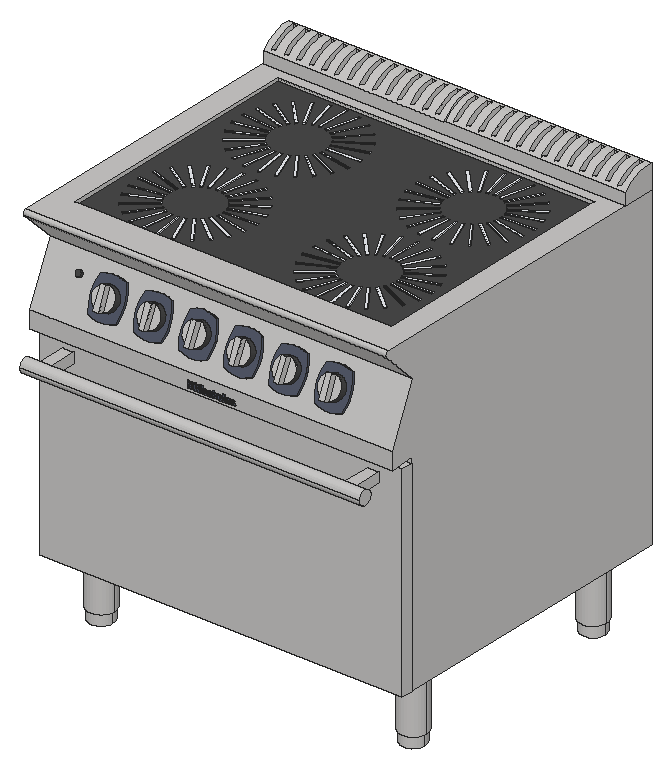
Revit family "QF_ELECTROLUXPROFESSIONAL_371026_E7IREH40E0", category Specialty Equipment, Revit 2018
Family settings
  Round Connector Dimension = Use Diameter
  Part Type = Normal
  Work Plane-Based = No
  Always vertical = Yes
  Cut with Voids When Loaded = No
  Shared = No
  Room Calculation Point = No
Parameters
  Width = 800 mm  # constant formula
  Weight in Pounds = 187  # constant formula
  Watts = 14800 VA  # 14800 W
  Volts = 400 V  # constant formula
  URL Cutsheet = "www.electrolux.com/foodservice"
  URL = "www.electrolux.com/foodservice"
  Type Mark [instance] = ""
  Status [instance] = ""
  Specification by User [instance] = ""
  Specification by Manufacturer = ""
  Show Logo [instance] = yes
  Show Clearance [instance] = yes
  Serial Number = ""
  Seismic Rating = ""
  SMACNA No = ""
  Revision Code [instance] = ""
  Phase = 3  # constant formula
  Omniclass Number and Title = ""
  Number of Poles [instance] = 1
  NAFEM Spec ID Number = ""
  Model = "371026"
  Min Ckt Ampacity = 0 A
  Max Overcurrent Protection = 0 A
  Masterspec = ""
  Manufacturer = "ELECTROLUX"
  Item Number [instance] = ""
  Installed By [instance] = ""
  Identify Quantity as Lot [instance] = yes
  Height = 333 mm  # constant formula
  HP = "19.8 HP"
  Furnished By [instance] = ""
  Foodservice Equipment Identifier [instance] = yes
  FL Amps = if(Phase = 3, Watts / (Volts * 1.73), Watts / Volts)  # 21.3873 A
  Electrical Remarks [instance] = "400 V/3N ph/50/60 Hz"  # constant formula
  Electric Connection Type [instance] = ""
  Elec Conn RI Height [instance] = 0 mm
  Elec Conn Connection Height [instance] = 0 mm
  Direct Waste Size = 0"
  Description = "700XP 4 Zone Electric Infrared Cooking Top Range on Electric Oven - 400V"
  Depth = 730 mm  # constant formula
  Cycle = if([60 Hertz Option], 60 Hz, 50 Hz)  # 60 Hz
  Conn Plug = ""
  Conn Conduit = yes
  CSI MasterFormat = ""
  CSI Master Format = ""
  Base Height [instance] = 150 mm  # constant formula
  Assembly Code = ""
  Apparent Power = if(Phase = 3, Volts * FL Amps * 1.73, Volts * FL Amps)  # 14800 VA
  60 Hertz Option = not([50 Hertz Option])  # yes
  50 Hertz Option = no
Reference planes
  plane 1 "BACK": y = 0
  plane 2: z = 0
  plane 3 "LEFT": x = 0
  plane 4 "RIGHT": x = 800
  plane 5 "FRONT": y = -730
  plane 6 "TOP": z = 905.238
  plane 7 "Center Y": x = 400
  plane 8 "Center X": y = -365
  plane 9 "BASE": z = 601
  plane 10 "TOP A": z = 850.238
  plane 11: y = -597.884
  plane 12: y = -147.637
  plane 13: z = 942.313
  plane 14: z = 150
  plane 15: y = -773
Forms (mm)
  Extrusion 1, solid, material "QF_Finishes_Stainless Steel"
    sketch origin (0, 0, 0) x (0, 1, 0) y (0, 0, 1)
      loop
        line (0, 850.237) -> (-725.027, 850.237)
        arc (-725.027, 850.237) -> (-730.893, 846.318) -> (-729.517, 839.397) r 6.35
        line (-729.517, 839.397) -> (-657.416, 767.047) -> (-713.522, 646.19) -> (-713.522, 608.09) -> (-660.4, 613.7) -> (-660.4, 150) -> (0, 150) -> (0, 850.237)
      loop
        line (-661.987, 601) -> (-687.387, 601) -> (-687.387, 150) -> (-661.987, 150) -> (-661.987, 601)
    from 0 to 800
  Extrusion 2, solid, material "QF_Finishes_Stainless Steel"
    sketch origin (0, 0, 0) x (0, 1, 0) y (0, 0, 1)
      loop
        line (0, 850.237) -> (0, 905.237)
        arc (0, 905.237) -> (-38.078, 897.879) -> (-69.85, 875.637) r 93.057
        line (-69.85, 875.637) -> (-69.85, 850.237) -> (0, 850.237)
    from 0 to 800
  Extrusion 3, void
    sketch origin (0, 0, 850.238) x (-1, 0, 0) y (0, -1, 0)
      loop
        line (-50, 93.262) -> (-50, 653.262) -> (-749.9, 653.262) -> (-749.9, 93.262) -> (-50, 93.262)
    from 0 to -6.4
  Extrusion 4, solid, material "QF_Finishes_Clearance", visible <- "Show Clearance", detail levels coarse
    sketch origin (0, 0, 0) x (1, 0, 0) y (0, 1, 0)
      loop
        line (0, -731.377) -> (0, 0) -> (800, 0) -> (800, -731.377) -> (950.019, -731.377) -> (950.019, 150.019) -> (-150.019, 150.019) -> (-150.019, -731.377) -> (0, -731.377)
    from 0 to 905.237
  Extrusion 5, void
    sketch origin (744.415, 0, 850.237) x (1, 0, 0) y (0, 1, 0)
      loop
        line (42.182, -6.761) -> (32.886, -6.761) -> (32.886, -63.911) -> (42.182, -63.911) -> (42.182, -6.761)
      loop
        line (14.339, -6.761) -> (5.044, -6.761) -> (5.044, -63.911) -> (14.339, -63.911) -> (14.339, -6.761)
      loop
        line (-13.503, -6.761) -> (-22.799, -6.761) -> (-22.799, -63.911) -> (-13.503, -63.911) -> (-13.503, -6.761)
      loop
        line (-41.345, -6.761) -> (-50.641, -6.761) -> (-50.641, -63.911) -> (-41.345, -63.911) -> (-41.345, -6.761)
      loop
        line (-69.187, -6.761) -> (-78.483, -6.761) -> (-78.483, -63.911) -> (-69.187, -63.911) -> (-69.187, -6.761)
      loop
        line (-97.03, -6.761) -> (-106.325, -6.761) -> (-106.325, -63.911) -> (-97.03, -63.911) -> (-97.03, -6.761)
      loop
        line (-124.872, -6.761) -> (-134.168, -6.761) -> (-134.168, -63.911) -> (-124.872, -63.911) -> (-124.872, -6.761)
      loop
        line (-152.714, -6.761) -> (-162.01, -6.761) -> (-162.01, -63.911) -> (-152.714, -63.911) -> (-152.714, -6.761)
      loop
        line (-180.557, -6.761) -> (-189.852, -6.761) -> (-189.852, -63.911) -> (-180.557, -63.911) -> (-180.557, -6.761)
      loop
        line (-208.399, -6.761) -> (-217.695, -6.761) -> (-217.695, -63.911) -> (-208.399, -63.911) -> (-208.399, -6.761)
      loop
        line (-236.241, -6.761) -> (-245.537, -6.761) -> (-245.537, -63.911) -> (-236.241, -63.911) -> (-236.241, -6.761)
      loop
        line (-264.084, -6.761) -> (-273.379, -6.761) -> (-273.379, -63.911) -> (-264.084, -63.911) -> (-264.084, -6.761)
      loop
        line (-359.717, -6.761) -> (-369.013, -6.761) -> (-369.013, -63.911) -> (-359.717, -63.911) -> (-359.717, -6.761)
      loop
        line (-387.559, -6.761) -> (-396.855, -6.761) -> (-396.855, -63.911) -> (-387.559, -63.911) -> (-387.559, -6.761)
      loop
        line (-415.401, -6.761) -> (-424.697, -6.761) -> (-424.697, -63.911) -> (-415.401, -63.911) -> (-415.401, -6.761)
      loop
        line (-443.244, -6.761) -> (-452.539, -6.761) -> (-452.539, -63.911) -> (-443.244, -63.911) -> (-443.244, -6.761)
      loop
        line (-471.086, -6.761) -> (-480.382, -6.761) -> (-480.382, -63.911) -> (-471.086, -63.911) -> (-471.086, -6.761)
      loop
        line (-498.928, -6.761) -> (-508.224, -6.761) -> (-508.224, -63.911) -> (-498.928, -63.911) -> (-498.928, -6.761)
      loop
        line (-526.771, -6.761) -> (-536.066, -6.761) -> (-536.066, -63.911) -> (-526.771, -63.911) -> (-526.771, -6.761)
      loop
        line (-554.613, -6.761) -> (-563.909, -6.761) -> (-563.909, -63.911) -> (-554.613, -63.911) -> (-554.613, -6.761)
      loop
        line (-582.455, -6.761) -> (-591.751, -6.761) -> (-591.751, -63.911) -> (-582.455, -63.911) -> (-582.455, -6.761)
      loop
        line (-610.298, -6.761) -> (-619.593, -6.761) -> (-619.593, -63.911) -> (-610.298, -63.911) -> (-610.298, -6.761)
      loop
        line (-638.14, -6.761) -> (-647.436, -6.761) -> (-647.436, -63.911) -> (-638.14, -63.911) -> (-638.14, -6.761)
      loop
        line (-665.982, -6.761) -> (-675.278, -6.761) -> (-675.278, -63.911) -> (-665.982, -63.911) -> (-665.982, -6.761)
      loop
        line (-693.825, -6.761) -> (-703.12, -6.761) -> (-703.12, -63.911) -> (-693.825, -63.911) -> (-693.825, -6.761)
      loop
        line (-721.667, -6.761) -> (-730.963, -6.761) -> (-730.963, -63.911) -> (-721.667, -63.911) -> (-721.667, -6.761)
      loop
        line (-291.926, -6.761) -> (-301.222, -6.761) -> (-301.222, -63.911) -> (-291.926, -63.911) -> (-291.926, -6.761)
      loop
        line (-319.768, -6.761) -> (-329.064, -6.761) -> (-329.064, -63.911) -> (-319.768, -63.911) -> (-319.768, -6.761)
    from 25.4 to 63.5
  Extrusion 6, void
    sketch origin (418.151, 0, 850.237) x (1, 0, 0) y (0, 1, 0)
      loop
        line (-16.563, 0) -> (-19.738, 0) -> (-19.738, -69.85) -> (-16.563, -69.85) -> (-16.563, 0)
    from 25.4 to 63.5
  Revolve 7, solid, material "QF_Finishes_Stainless Steel"
    sketch origin (0, -587.387, 608.09) x (0, 0, 1) y (-1, 0, 0)
      loop
        line (-608.09, -56) -> (-458.09, -56) -> (-458.09, -26) -> (-583.09, -26) -> (-583.09, -29.75) -> (-608.09, -29.75) -> (-608.09, -56)
      axis (-608.09, -56) -> (-458.09, -56)
    angle from 0 to 360
  Revolve 8, solid, material "QF_Finishes_Stainless Steel"
    sketch origin (0, -90, 608.09) x (0, 0, 1) y (-1, 0, 0)
      loop
        line (-608.09, -56) -> (-458.09, -56) -> (-458.09, -26) -> (-583.09, -26) -> (-583.09, -29.75) -> (-608.09, -29.75) -> (-608.09, -56)
      axis (-608.09, -56) -> (-458.09, -56)
    angle from 0 to 360
  Revolve 9, solid, material "QF_Finishes_Stainless Steel"
    sketch origin (800.1, -587.387, 608.09) x (0, 0, 1) y (-1, 0, 0)
      loop
        line (-608.09, 56.1) -> (-608.09, 29.85) -> (-583.09, 29.85) -> (-583.09, 26.1) -> (-458.09, 26.1) -> (-458.09, 56.1) -> (-608.09, 56.1)
      axis (-608.09, 56.1) -> (-458.09, 56.1)
    angle from 0 to 360
  Revolve 10, solid, material "QF_Finishes_Stainless Steel"
    sketch origin (800.1, -90, 608.09) x (0, 0, 1) y (-1, 0, 0)
      loop
        line (-608.09, 56.1) -> (-608.09, 29.85) -> (-583.09, 29.85) -> (-583.09, 26.1) -> (-458.09, 26.1) -> (-458.09, 56.1) -> (-608.09, 56.1)
      axis (-608.09, 56.1) -> (-458.09, 56.1)
    angle from 0 to 360
  Extrusion 11, solid, material "QF_Finishes_Stainless Steel"
    sketch origin (-77.88, -4572, 150) x (-1, 0, 0) y (0, -1, 0)
      loop
        circle (-832.88, -4242) r 12.7
    from 0 to -12.7
  Extrusion 12, solid, material "QF_Finishes_Navy Blue"
    sketch origin (288.425, -713.796, 646.138) x (0, 0.422618, 0.906308) y (-1, 0, 0)
      loop
        arc (105.947, -132.617) -> (68.865, -123.636) -> (31.333, -130.498) r 91.844
        arc (31.333, -130.498) -> (24.206, -161.14) -> (31.333, -191.783) r 69.441
        arc (31.333, -191.783) -> (68.854, -198.494) -> (105.947, -189.715) r 93.759
        arc (105.947, -189.715) -> (112.176, -161.166) -> (105.947, -132.617) r 68.543
      loop
        arc (105.947, -232.617) -> (68.865, -223.636) -> (31.333, -230.498) r 91.844
        arc (31.333, -230.498) -> (24.206, -261.14) -> (31.333, -291.783) r 69.441
        arc (31.333, -291.783) -> (68.854, -298.494) -> (105.947, -289.715) r 93.759
        arc (105.947, -289.715) -> (112.176, -261.166) -> (105.947, -232.617) r 68.543
      loop
        arc (105.947, -332.617) -> (68.865, -323.636) -> (31.333, -330.498) r 91.844
        arc (31.333, -330.498) -> (24.206, -361.14) -> (31.333, -391.783) r 69.441
        arc (31.333, -391.783) -> (68.854, -398.494) -> (105.947, -389.715) r 93.759
        arc (105.947, -389.715) -> (112.176, -361.166) -> (105.947, -332.617) r 68.543
      loop
        arc (105.947, 9.467) -> (112.176, 38.016) -> (105.947, 66.565) r 68.543
        arc (105.947, 66.565) -> (68.854, 75.344) -> (31.333, 68.633) r 93.759
        arc (31.333, 68.633) -> (24.206, 37.99) -> (31.333, 7.348) r 69.441
        arc (31.333, 7.348) -> (68.865, 0.485) -> (105.947, 9.467) r 91.843
      loop
        arc (105.947, 109.467) -> (112.176, 138.016) -> (105.947, 166.566) r 68.543
        arc (105.947, 166.566) -> (68.854, 175.345) -> (31.333, 168.633) r 93.76
        arc (31.333, 168.633) -> (24.206, 137.99) -> (31.333, 107.348) r 69.441
        arc (31.333, 107.348) -> (68.865, 100.483) -> (105.947, 109.467) r 91.823
      loop
        arc (105.947, -90.533) -> (112.176, -61.984) -> (105.947, -33.435) r 68.543
        arc (105.947, -33.435) -> (68.854, -24.656) -> (31.333, -31.367) r 93.759
        arc (31.333, -31.367) -> (24.206, -62.01) -> (31.333, -92.652) r 69.441
        arc (31.333, -92.652) -> (68.865, -99.514) -> (105.947, -90.533) r 91.844
    from 0 to 3.175
  Extrusion 13, solid, material "QF_Finishes_Stainless Steel"
    sketch origin (288.425, -716.674, 647.48) x (0, 0.422618, 0.906308) y (-1, 0, 0)
      loop
        circle (68.826, -160.963) r 25.4
      loop
        circle (68.826, -62.287) r 25.4
      loop
        circle (68.826, -260.963) r 25.4
      loop
        circle (68.826, -360.963) r 25.4
      loop
        circle (68.826, 37.713) r 25.4
      loop
        circle (68.826, 137.713) r 25.4
    from 0 to 12.7
  Extrusion 14, solid, material "QF_Finishes_Stainless Steel"
    sketch origin (288.425, -728.184, 652.847) x (0, 0.422618, 0.906308) y (-1, 0, 0)
      loop
        arc (93.558, -166.749) -> (94.226, -160.963) -> (93.558, -155.177) r 25.4
        line (93.558, -155.177) -> (44.094, -155.177)
        arc (44.094, -155.177) -> (43.426, -160.963) -> (44.094, -166.749) r 25.4
        line (44.094, -166.749) -> (93.558, -166.749)
      loop
        arc (93.558, -266.749) -> (94.226, -260.963) -> (93.558, -255.177) r 25.4
        line (93.558, -255.177) -> (44.094, -255.177)
        arc (44.094, -255.177) -> (43.426, -260.963) -> (44.094, -266.749) r 25.4
        line (44.094, -266.749) -> (93.558, -266.749)
      loop
        arc (93.558, -366.749) -> (94.226, -360.963) -> (93.558, -355.177) r 25.4
        line (93.558, -355.177) -> (44.094, -355.177)
        arc (44.094, -355.177) -> (43.426, -360.963) -> (44.094, -366.749) r 25.4
        line (44.094, -366.749) -> (93.558, -366.749)
      loop
        line (93.558, -56.501) -> (44.094, -56.501)
        arc (44.094, -56.501) -> (43.426, -62.287) -> (44.094, -68.073) r 25.4
        line (44.094, -68.073) -> (93.558, -68.073)
        arc (93.558, -68.073) -> (94.226, -62.287) -> (93.558, -56.501) r 25.4
      loop
        line (93.558, 43.499) -> (44.094, 43.499)
        arc (44.094, 43.499) -> (43.426, 37.713) -> (44.094, 31.927) r 25.4
        line (44.094, 31.927) -> (93.558, 31.927)
        arc (93.558, 31.927) -> (94.226, 37.713) -> (93.558, 43.499) r 25.4
      loop
        line (93.558, 143.499) -> (44.094, 143.499)
        arc (44.094, 143.499) -> (43.426, 137.713) -> (44.094, 131.927) r 25.4
        line (44.094, 131.927) -> (93.558, 131.927)
        arc (93.558, 131.927) -> (94.226, 137.713) -> (93.558, 143.499) r 25.4
    from 0 to 12.7
  Extrusion 15, solid, material "QF_Finishes_Stainless Steel"
    sketch origin (0, 0, 0) x (0, 1, 0) y (0, 0, 1)
      loop
        circle (-758, 566.309) r 15
    from 25.4 to 774.6
  Extrusion 16, solid, material "QF_Finishes_Stainless Steel"
    sketch origin (0, -687.387, 601) x (0, 0, -1) y (1, 0, 0)
      loop
        line (23.499, 50.739) -> (45.977, 50.739) -> (45.977, 75.739) -> (23.499, 75.739) -> (23.499, 50.739)
      loop
        line (23.499, 749.261) -> (23.499, 724.261) -> (45.977, 724.261) -> (45.977, 749.261) -> (23.499, 749.261)
    from 0 to 70.793
  Extrusion 17, solid, material "QF_Finishes_Door Clearance", visible <- "Show Clearance", detail levels coarse
    sketch origin (0, 0, 0) x (0, 1, 0) y (0, 0, 1)
      loop
        arc (-687.387, 601) -> (-1006.293, 468.905) -> (-1138.387, 150) r 451
        line (-1138.387, 150) -> (-687.387, 150) -> (-687.387, 601)
    from 0 to 800.1
  Extrusion 18, solid, material "QF_Finishes_Black"
    sketch origin (218.425, -713.796, 646.138) x (0, 0.422618, 0.906308) y (-1, 0, 0)
      loop
        circle (91.067, 140.244) r 6.4
    from 0 to 3.175
  Extrusion 19, solid, material "QF_Finishes_Navy Blue", visible <- "Show Logo"
    sketch origin (0, -713.522, 608.09) x (0, 0, 1) y (-1, 0, 0)
      loop
        line (20.674, -357.489) -> (8.307, -357.489)
        arc (8.307, -357.489) -> (14.491, -362.06) -> (20.674, -357.489) r 6.467
      loop
        arc (20.674, -356.86) -> (19.505, -351.717) -> (14.849, -349.239) r 6.338
        line (14.849, -349.239) -> (14.849, -351.285)
        arc (14.849, -351.285) -> (16.333, -354.94) -> (19.778, -356.86) r 5.941
        line (19.778, -356.86) -> (20.674, -356.86)
      loop
        arc (9.203, -356.86) -> (12.648, -354.94) -> (14.132, -351.285) r 5.941
        line (14.132, -351.285) -> (14.132, -349.239)
        arc (14.132, -349.239) -> (9.438, -351.713) -> (8.148, -356.86) r 6.504
        line (8.148, -356.86) -> (9.203, -356.86)
      loop
        line (21.349, -348.77) -> (7.604, -348.77) -> (7.604, -362.533) -> (21.349, -362.533) -> (21.349, -348.77)
      loop
        arc (21.432, -365.5) -> (21.085, -365.143) -> (20.718, -365.481) r 0.358
        arc (20.718, -365.481) -> (20.404, -366.231) -> (19.687, -366.616) r 1.216
        line (19.687, -366.616) -> (9.274, -366.616)
        arc (9.274, -366.616) -> (8.614, -366.338) -> (8.218, -365.742) r 1.238
        arc (8.218, -365.742) -> (7.823, -365.491) -> (7.518, -365.845) r 0.358
        line (7.518, -365.845) -> (7.518, -375.724) -> (10.269, -375.724) -> (10.269, -374.827)
        arc (10.269, -374.827) -> (9.36, -374.247) -> (8.904, -373.27) r 1.928
        line (8.904, -373.27) -> (8.904, -370.771)
        arc (8.904, -370.771) -> (9.18, -370.042) -> (9.868, -369.678) r 1.101
        line (9.868, -369.678) -> (13.955, -369.678) -> (13.955, -373.351)
        arc (13.955, -373.351) -> (13.602, -373.848) -> (13.037, -374.076) r 1.083
        arc (13.037, -374.076) -> (12.773, -374.382) -> (13.065, -374.66) r 0.292
        line (13.065, -374.66) -> (16.028, -374.66)
        arc (16.028, -374.66) -> (16.33, -374.387) -> (16.092, -374.057) r 0.305
        arc (16.092, -374.057) -> (15.601, -373.809) -> (15.296, -373.351) r 1.083
        line (15.296, -373.351) -> (15.296, -369.678) -> (19.973, -369.678) -> (19.973, -373.425)
        arc (19.973, -373.425) -> (19.759, -374.181) -> (19.153, -374.679) r 1.314
        arc (19.153, -374.679) -> (18.934, -375.083) -> (19.288, -375.375) r 0.361
        line (19.288, -375.375) -> (21.432, -375.375) -> (21.432, -365.5)
      loop
        arc (20.715, -376.156) -> (20.335, -377.074) -> (19.416, -377.455) r 1.299
        line (19.416, -377.455) -> (9.837, -377.455)
        arc (9.837, -377.455) -> (8.999, -377.077) -> (8.728, -376.199) r 1.118
        line (8.728, -376.199) -> (7.518, -376.199) -> (7.518, -381.549) -> (8.706, -381.549)
        arc (8.706, -381.549) -> (8.978, -380.632) -> (9.848, -380.236) r 1.153
        line (9.848, -380.236) -> (21.92, -380.236) -> (20.715, -376.156)
      loop
        line (12.483, -384.185) -> (12.483, -390.632) -> (13.282, -390.632)
        arc (13.282, -390.632) -> (15.862, -389.648) -> (17.131, -387.194) r 3.874
        line (17.131, -387.194) -> (17.131, -385.434)
        arc (17.131, -385.434) -> (15.944, -382.569) -> (13.08, -381.383) r 4.051
        line (13.08, -381.383) -> (11.072, -381.383)
        arc (11.072, -381.383) -> (8.253, -382.868) -> (7.202, -385.875) r 4.352
        arc (7.202, -385.875) -> (7.566, -388.338) -> (8.943, -390.412) r 5.713
        line (8.943, -390.412) -> (9.892, -390.412)
        arc (9.892, -390.412) -> (9.16, -388.843) -> (8.943, -387.125) r 5.579
        arc (8.943, -387.125) -> (9.737, -385.162) -> (11.616, -384.185) r 3.057
        line (11.616, -384.185) -> (12.483, -384.185)
      loop
        line (13.742, -384.185) -> (13.742, -387.767)
        arc (13.742, -387.767) -> (15.199, -387.814) -> (16.082, -386.655) r 1.59
        line (16.082, -386.655) -> (16.082, -385.825)
        arc (16.082, -385.825) -> (15.217, -384.57) -> (13.742, -384.185) r 2.184
      loop
        arc (16.533, -400.05) -> (17.022, -398.376) -> (17.179, -396.639) r 9.023
        line (17.179, -396.639) -> (17.179, -395.276)
        arc (17.179, -395.276) -> (16.02, -392.477) -> (13.22, -391.317) r 3.959
        line (13.22, -391.317) -> (10.62, -391.317)
        arc (10.62, -391.317) -> (8.338, -392.61) -> (7.221, -394.983) r 4.331
        line (7.221, -394.983) -> (7.221, -397.118)
        arc (7.221, -397.118) -> (7.729, -398.668) -> (8.651, -400.014) r 5.772
        arc (8.651, -400.014) -> (9.412, -400.065) -> (9.499, -399.306) r 0.553
        arc (9.499, -399.306) -> (9.111, -398.572) -> (8.977, -397.753) r 2.573
        line (8.977, -397.753) -> (8.977, -396.238)
        arc (8.977, -396.238) -> (9.983, -394.596) -> (11.798, -393.954) r 2.884
        line (11.798, -393.954) -> (13.077, -393.954)
        arc (13.077, -393.954) -> (14.898, -394.514) -> (15.824, -396.179) r 2.554
        line (15.824, -396.179) -> (15.824, -397.232)
        arc (15.824, -397.232) -> (15.493, -398.16) -> (14.836, -398.895) r 2.564
        arc (14.836, -398.895) -> (14.614, -399.612) -> (15.223, -400.05) r 0.643
        line (15.223, -400.05) -> (16.533, -400.05)
      loop
        line (15.515, -400.32) -> (15.515, -401.821) -> (9.467, -401.821)
        arc (9.467, -401.821) -> (7.879, -402.479) -> (7.221, -404.067) r 2.246
        line (7.221, -404.067) -> (7.221, -405.651)
        arc (7.221, -405.651) -> (7.535, -406.515) -> (8.035, -407.287) r 4.06
        arc (8.035, -407.287) -> (8.768, -407.42) -> (9.019, -406.719) r 0.576
        arc (9.019, -406.719) -> (8.913, -406.193) -> (8.977, -405.661) r 1.69
        arc (8.977, -405.661) -> (9.519, -404.873) -> (10.425, -404.57) r 1.506
        line (10.425, -404.57) -> (15.563, -404.57) -> (15.563, -406.967) -> (16.119, -407.523) -> (16.941, -407.523) -> (16.941, -404.664) -> (20.172, -404.664) -> (15.515, -400.32)
      loop
        line (7.438, -408.421) -> (7.438, -413.808) -> (8.548, -413.808)
        arc (8.548, -413.808) -> (8.942, -412.857) -> (9.893, -412.463) r 1.345
        line (9.893, -412.463) -> (13.509, -412.463)
        arc (13.509, -412.463) -> (14.274, -413.055) -> (14.564, -413.977) r 1.615
        line (14.564, -413.977) -> (14.564, -415.533) -> (17.119, -416.218) -> (17.119, -414.835) -> (15.177, -412.276) -> (17.057, -412.276) -> (16.773, -409.57)
        arc (16.773, -409.57) -> (16.333, -409.04) -> (15.674, -409.241) r 0.621
        arc (15.674, -409.241) -> (15.274, -409.583) -> (14.78, -409.766) r 1.501
        line (14.78, -409.766) -> (9.893, -409.766)
        arc (9.893, -409.766) -> (8.942, -409.372) -> (8.548, -408.421) r 1.345
        line (8.548, -408.421) -> (7.438, -408.421)
      loop
        line (13.54, -415.755) -> (10.848, -415.755)
        arc (10.848, -415.755) -> (8.403, -417.063) -> (7.269, -419.593) r 4.288
        arc (7.269, -419.593) -> (7.205, -420.974) -> (7.269, -422.354) r 15.022
        arc (7.269, -422.354) -> (8.403, -424.885) -> (10.848, -426.192) r 4.288
        line (10.848, -426.192) -> (13.54, -426.192)
        arc (13.54, -426.192) -> (15.986, -424.885) -> (17.119, -422.354) r 4.288
        arc (17.119, -422.354) -> (17.183, -420.974) -> (17.119, -419.593) r 15.022
        arc (17.119, -419.593) -> (15.986, -417.063) -> (13.54, -415.755) r 4.288
      loop
        line (13.745, -418.869) -> (10.643, -418.869)
        arc (10.643, -418.869) -> (8.486, -421.026) -> (10.643, -423.183) r 2.157
        line (10.643, -423.183) -> (13.745, -423.183)
        arc (13.745, -423.183) -> (15.902, -421.026) -> (13.745, -418.869) r 2.157
      loop
        arc (20.726, -426.05) -> (20.355, -426.944) -> (19.461, -427.315) r 1.264
        line (19.461, -427.315) -> (9.597, -427.315)
        arc (9.597, -427.315) -> (8.727, -426.918) -> (8.455, -426.002) r 1.153
        line (8.455, -426.002) -> (7.518, -426.002) -> (7.518, -431.11) -> (8.446, -431.11)
        arc (8.446, -431.11) -> (8.805, -430.338) -> (9.597, -430.023) r 1.153
        line (9.597, -430.023) -> (21.92, -430.023) -> (20.726, -426.05)
      loop
        arc (15.846, -430.647) -> (15.647, -431.712) -> (14.678, -432.194) r 1.215
        line (14.678, -432.194) -> (9.658, -432.194)
        arc (9.658, -432.194) -> (8.043, -432.841) -> (7.322, -434.424) r 2.338
        line (7.322, -434.424) -> (7.322, -435.939)
        arc (7.322, -435.939) -> (7.497, -436.943) -> (7.999, -437.829) r 2.979
        line (7.999, -437.829) -> (7.518, -439.626) -> (7.518, -441.314) -> (16.943, -441.314) -> (16.649, -437.111) -> (15.863, -437.111)
        arc (15.863, -437.111) -> (15.507, -437.947) -> (14.755, -438.456) r 1.605
        line (14.755, -438.456) -> (9.652, -438.456)
        arc (9.652, -438.456) -> (9.232, -437.519) -> (9.159, -436.495) r 2.94
        arc (9.159, -436.495) -> (9.72, -435.394) -> (10.873, -434.951) r 1.724
        line (10.873, -434.951) -> (17.07, -434.951) -> (15.846, -430.647)
      loop
        line (16.874, -442.168) -> (15.202, -444.214) -> (12.028, -446.52) -> (8.572, -443.408)
        arc (8.572, -443.408) -> (8.335, -443.014) -> (8.357, -442.555) r 0.789
        line (8.357, -442.555) -> (7.518, -442.555) -> (7.518, -446.1) -> (8.344, -446.1)
        arc (8.344, -446.1) -> (8.686, -445.738) -> (9.176, -445.83) r 0.52
        line (9.176, -445.83) -> (10.976, -447.301) -> (8.858, -448.676)
        arc (8.858, -448.676) -> (8.457, -448.366) -> (8.37, -447.867) r 0.7
        line (8.37, -447.867) -> (7.518, -447.867) -> (7.518, -453.794) -> (8.405, -453.794)
        arc (8.405, -453.794) -> (8.472, -453.135) -> (8.866, -452.603) r 1.247
        line (8.866, -452.603) -> (13.066, -449.322) -> (15.513, -451.376) -> (16.874, -453.118) -> (16.874, -449.394) -> (15.389, -449.817) -> (13.868, -448.54) -> (15.568, -447.35) -> (16.874, -448.126) -> (16.874, -442.168)
    from 0 to 1.644
Cuts and joins
  Extrusion 3 cuts Extrusion 1
  Extrusion 5, Extrusion 6 cuts Extrusion 2
  Extrusion 5, Extrusion 6 cuts Extrusion 4
Lines and regions (mm)
  symbolic lines, style "QF-Clearances", visible <- "Show Clearance", detail levels coarse
    curve 1: line (-150.019, 150.019, 850.238) -> (-150.019, -731.377, 850.238)
    curve 2: line (950.019, 150.019, 850.237) -> (-150.019, 150.019, 850.238)
    curve 3: line (950.019, -731.377, 850.237) -> (950.019, 150.019, 850.237)
  symbolic lines
    curve 4: line (0, 0, 850.238) -> (800, 0, 850.237)
    curve 5: line (0, -730, 850.238) -> (0, 0, 850.238)
    curve 6: line (800, -730, 850.237) -> (0, -730, 850.238)
    curve 7: line (800, 0, 850.237) -> (800, -730, 850.237)
    curve 8: line (22.699, -6.761, 850.238) -> (22.699, -63.911, 850.238)
    curve 9: line (13.403, -63.911, 850.238) -> (13.403, -6.761, 850.238)
    curve 10: line (13.403, -6.761, 850.238) -> (22.699, -6.761, 850.238)
    curve 11: line (0, -69.85, 850.238) -> (398.413, -69.85, 850.237)
    curve 12: line (384.649, -6.761, 850.237) -> (384.649, -63.911, 850.237)
    curve 13: line (375.353, -63.911, 850.237) -> (375.353, -6.761, 850.237)
    curve 14: line (375.353, -6.761, 850.237) -> (384.649, -6.761, 850.237)
    curve 15: line (50.541, -6.761, 850.238) -> (50.541, -63.911, 850.238)
    curve 16: line (41.245, -63.911, 850.238) -> (41.245, -6.761, 850.238)
    curve 17: line (41.245, -6.761, 850.238) -> (50.541, -6.761, 850.238)
    curve 18: line (78.383, -6.761, 850.238) -> (78.383, -63.911, 850.238)
    curve 19: line (69.087, -63.911, 850.238) -> (69.087, -6.761, 850.238)
    curve 20: line (69.087, -6.761, 850.238) -> (78.383, -6.761, 850.238)
    curve 21: line (106.225, -6.761, 850.237) -> (106.225, -63.911, 850.237)
    curve 22: line (96.93, -63.911, 850.238) -> (96.93, -6.761, 850.238)
    curve 23: line (96.93, -6.761, 850.238) -> (106.225, -6.761, 850.237)
    curve 24: line (134.068, -6.761, 850.237) -> (134.068, -63.911, 850.237)
    curve 25: line (124.772, -63.911, 850.237) -> (124.772, -6.761, 850.237)
    curve 26: line (124.772, -6.761, 850.237) -> (134.068, -6.761, 850.237)
    curve 27: line (161.91, -6.761, 850.237) -> (161.91, -63.911, 850.237)
    curve 28: line (152.614, -63.911, 850.237) -> (152.614, -6.761, 850.237)
    curve 29: line (152.614, -6.761, 850.237) -> (161.91, -6.761, 850.237)
    curve 30: line (189.752, -6.761, 850.237) -> (189.752, -63.911, 850.237)
    curve 31: line (180.457, -63.911, 850.237) -> (180.457, -6.761, 850.237)
    curve 32: line (180.457, -6.761, 850.237) -> (189.752, -6.761, 850.237)
    curve 33: line (217.595, -6.761, 850.237) -> (217.595, -63.911, 850.237)
    curve 34: line (208.299, -63.911, 850.237) -> (208.299, -6.761, 850.237)
    curve 35: line (208.299, -6.761, 850.237) -> (217.595, -6.761, 850.237)
    curve 36: line (245.437, -6.761, 850.237) -> (245.437, -63.911, 850.237)
    curve 37: line (236.141, -63.911, 850.237) -> (236.141, -6.761, 850.237)
    curve 38: line (236.141, -6.761, 850.237) -> (245.437, -6.761, 850.237)
    curve 39: line (273.279, -6.761, 850.237) -> (273.279, -63.911, 850.237)
    curve 40: line (263.984, -63.911, 850.237) -> (263.984, -6.761, 850.237)
    curve 41: line (263.984, -6.761, 850.237) -> (273.279, -6.761, 850.237)
    curve 42: line (301.122, -6.761, 850.237) -> (301.122, -63.911, 850.237)
    curve 43: line (291.826, -63.911, 850.237) -> (291.826, -6.761, 850.237)
    curve 44: line (291.826, -6.761, 850.237) -> (301.122, -6.761, 850.237)
    curve 45: line (328.964, -6.761, 850.237) -> (328.964, -63.911, 850.237)
    curve 46: line (319.668, -63.911, 850.237) -> (319.668, -6.761, 850.237)
    curve 47: line (319.668, -6.761, 850.237) -> (328.964, -6.761, 850.237)
    curve 48: line (356.806, -6.761, 850.237) -> (356.806, -63.911, 850.237)
    curve 49: line (347.511, -63.911, 850.237) -> (347.511, -6.761, 850.237)
    curve 50: line (347.511, -6.761, 850.237) -> (356.806, -6.761, 850.237)
    curve 51: line (777.251, -6.761, 850.237) -> (777.251, -63.911, 850.237)
    curve 52: line (786.547, -63.911, 850.237) -> (786.547, -6.761, 850.237)
    curve 53: line (786.547, -6.761, 850.237) -> (777.251, -6.761, 850.237)
    curve 54: line (415.301, -6.761, 850.237) -> (415.301, -63.911, 850.237)
    curve 55: line (424.597, -63.911, 850.237) -> (424.597, -6.761, 850.237)
    curve 56: line (424.597, -6.761, 850.237) -> (415.301, -6.761, 850.237)
    curve 57: line (749.409, -6.761, 850.237) -> (749.409, -63.911, 850.237)
    curve 58: line (758.705, -63.911, 850.237) -> (758.705, -6.761, 850.237)
    curve 59: line (758.705, -6.761, 850.237) -> (749.409, -6.761, 850.237)
    curve 60: line (721.567, -6.761, 850.237) -> (721.567, -63.911, 850.237)
    curve 61: line (730.863, -63.911, 850.237) -> (730.863, -6.761, 850.237)
    curve 62: line (730.863, -6.761, 850.237) -> (721.567, -6.761, 850.237)
    curve 63: line (693.725, -6.761, 850.237) -> (693.725, -63.911, 850.237)
    curve 64: line (703.02, -63.911, 850.237) -> (703.02, -6.761, 850.237)
    curve 65: line (703.02, -6.761, 850.237) -> (693.725, -6.761, 850.237)
    curve 66: line (665.882, -6.761, 850.237) -> (665.882, -63.911, 850.237)
    curve 67: line (675.178, -63.911, 850.237) -> (675.178, -6.761, 850.237)
    curve 68: line (675.178, -6.761, 850.237) -> (665.882, -6.761, 850.237)
    curve 69: line (638.04, -6.761, 850.237) -> (638.04, -63.911, 850.237)
    curve 70: line (647.336, -63.911, 850.237) -> (647.336, -6.761, 850.237)
    curve 71: line (647.336, -6.761, 850.237) -> (638.04, -6.761, 850.237)
    curve 72: line (610.198, -6.761, 850.237) -> (610.198, -63.911, 850.237)
    curve 73: line (619.493, -63.911, 850.237) -> (619.493, -6.761, 850.237)
    curve 74: line (619.493, -6.761, 850.237) -> (610.198, -6.761, 850.237)
    curve 75: line (582.355, -6.761, 850.237) -> (582.355, -63.911, 850.237)
    curve 76: line (591.651, -63.911, 850.237) -> (591.651, -6.761, 850.237)
    curve 77: line (591.651, -6.761, 850.237) -> (582.355, -6.761, 850.237)
    curve 78: line (554.513, -6.761, 850.237) -> (554.513, -63.911, 850.237)
    curve 79: line (563.809, -63.911, 850.237) -> (563.809, -6.761, 850.237)
    curve 80: line (563.809, -6.761, 850.237) -> (554.513, -6.761, 850.237)
    curve 81: line (526.671, -6.761, 850.237) -> (526.671, -63.911, 850.237)
    curve 82: line (535.966, -63.911, 850.237) -> (535.966, -6.761, 850.237)
    curve 83: line (535.966, -6.761, 850.237) -> (526.671, -6.761, 850.237)
    curve 84: line (498.828, -6.761, 850.237) -> (498.828, -63.911, 850.237)
    curve 85: line (508.124, -63.911, 850.237) -> (508.124, -6.761, 850.237)
    curve 86: line (508.124, -6.761, 850.237) -> (498.828, -6.761, 850.237)
    curve 87: line (470.986, -6.761, 850.237) -> (470.986, -63.911, 850.237)
    curve 88: line (480.282, -63.911, 850.237) -> (480.282, -6.761, 850.237)
    curve 89: line (480.282, -6.761, 850.237) -> (470.986, -6.761, 850.237)
    curve 90: line (443.144, -6.761, 850.237) -> (443.144, -63.911, 850.237)
    curve 91: line (452.439, -63.911, 850.237) -> (452.439, -6.761, 850.237)
    curve 92: line (452.439, -6.761, 850.237) -> (443.144, -6.761, 850.237)
    curve 93: line (401.588, -69.85, 850.237) -> (401.588, 0, 850.237)
    curve 94: line (398.413, 0, 850.237) -> (398.413, -69.85, 850.237)
    curve 95: line (401.588, -69.85, 850.237) -> (800, -69.85, 850.237)
    curve 124: line (50, -653.262, 266.888) -> (50, -93.262, 266.888)
    curve 125: line (50, -93.262, 266.888) -> (749.9, -93.262, 266.887)
    curve 126: line (749.9, -93.262, 266.887) -> (749.9, -653.262, 266.887)
    curve 127: line (749.9, -653.262, 266.887) -> (50, -653.262, 266.888)
    curve 131: line (25.4, -743, 0) -> (774.6, -743, 0)
    curve 132: line (25.4, -773, 0) -> (25.4, -743, 0)
    curve 133: line (774.6, -773, 0) -> (25.4, -773, 0)
    curve 134: line (774.6, -743, 0) -> (774.6, -773, 0)
    curve 135: line (724.261, -730, 0) -> (724.261, -743, 0)
    curve 136: line (749.261, -730, 0) -> (749.261, -743, 0)
    curve 137: line (50.739, -730, 0) -> (50.739, -743, 0)
    curve 138: line (75.739, -730, 0) -> (75.739, -743, 0)
  symbolic lines, style "SpecialityEquipment"
    curve 96: line (13.453, -63.911, 0) -> (22.749, -63.911, 0)
    curve 97: line (375.403, -63.911, 0) -> (384.699, -63.911, 0)
    curve 98: line (41.295, -63.911, 0) -> (50.591, -63.911, 0)
    curve 99: line (69.137, -63.911, 0) -> (78.433, -63.911, 0)
    curve 100: line (96.98, -63.911, 0) -> (106.275, -63.911, 0)
    curve 101: line (124.822, -63.911, 0) -> (134.118, -63.911, 0)
    curve 102: line (152.664, -63.911, 0) -> (161.96, -63.911, 0)
    curve 103: line (180.507, -63.911, 0) -> (189.802, -63.911, 0)
    curve 104: line (208.349, -63.911, 0) -> (217.645, -63.911, 0)
    curve 105: line (236.191, -63.911, 0) -> (245.487, -63.911, 0)
    curve 106: line (264.034, -63.911, 0) -> (273.329, -63.911, 0)
    curve 107: line (291.876, -63.911, 0) -> (301.172, -63.911, 0)
    curve 108: line (319.718, -63.911, 0) -> (329.014, -63.911, 0)
    curve 109: line (347.561, -63.911, 0) -> (356.856, -63.911, 0)
    curve 110: line (786.597, -63.911, 0) -> (777.301, -63.911, 0)
    curve 111: line (424.647, -63.911, 0) -> (415.351, -63.911, 0)
    curve 112: line (758.755, -63.911, 0) -> (749.459, -63.911, 0)
    curve 113: line (730.913, -63.911, 0) -> (721.617, -63.911, 0)
    curve 114: line (703.07, -63.911, 0) -> (693.775, -63.911, 0)
    curve 115: line (675.228, -63.911, 0) -> (665.932, -63.911, 0)
    curve 116: line (647.386, -63.911, 0) -> (638.09, -63.911, 0)
    curve 117: line (619.543, -63.911, 0) -> (610.248, -63.911, 0)
    curve 118: line (591.701, -63.911, 0) -> (582.405, -63.911, 0)
    curve 119: line (563.859, -63.911, 0) -> (554.563, -63.911, 0)
    curve 120: line (536.016, -63.911, 0) -> (526.721, -63.911, 0)
    curve 121: line (508.174, -63.911, 0) -> (498.878, -63.911, 0)
    curve 122: line (480.332, -63.911, 0) -> (471.036, -63.911, 0)
    curve 123: line (452.489, -63.911, 0) -> (443.194, -63.911, 0)
  symbolic lines, style "QF-Door Swings"
    curve 128: line (0, -730, 850.238) -> (0, -1138.387, 850.238)
    curve 129: line (0, -1138.387, 850.238) -> (800, -1138.387, 850.237)
    curve 130: line (800, -1138.387, 850.237) -> (800, -730, 850.237)
Dimensions and locks
  equal spacing: plane 3 "LEFT", plane 7 "Center Y", plane 4 "RIGHT"
  "Width": plane 3 "LEFT" to plane 4 "RIGHT"
  equal spacing: plane 5 "FRONT", plane 8 "Center X", plane 1 "BACK"
  "Depth": plane 5 "FRONT" to plane 1 "BACK"
  plane 1 "BACK" to plane 5 "FRONT" = 730 mm
  locked: plane 10 "TOP A" to plane 9 "BASE" at 249.238
  plane 6 "TOP" to plane 10 "TOP A" = 55 mm
  plane 13 to plane 6 "TOP" = 37.075 mm
  "Base Height": plane 14 to level
  plane 10 "TOP A" to plane 14 = 700.237 mm
  Extrusion 11 sketch curve to plane 1 "BACK" = 330 mm
  Extrusion 11 sketch curve to plane 4 "RIGHT" = 45 mm
  plane 15 to plane 1 "BACK" = 773 mm
  aligned and locked: level to plane 2
  aligned and locked: plane 4 "RIGHT" to Extrusion 1
  aligned and locked: plane 4 "RIGHT" to Extrusion 2
  aligned and locked: plane 6 "TOP" to Extrusion 4
Automatic sketch dimensions
  Extrusion 1 sketch curve to plane 10 "TOP A" = 0 mm
  Extrusion 1 sketch curve to plane 9 "BASE" = 0 mm
  Extrusion 1 sketch curve to plane 14 = 0 mm  (x2)
  Extrusion 1 sketch curve to plane 1 "BACK" = 0 mm
  plane 11 to Extrusion 1 sketch curve = 59.531 mm
  plane 9 "BASE" to Extrusion 1 sketch curve = 12.7 mm
  plane 11 to Extrusion 1 sketch curve = 62.516 mm
  Extrusion 1 sketch curve to Extrusion 1 sketch curve = 1.588 mm
  Extrusion 1 sketch curve to Extrusion 1 sketch curve = 25.4 mm
  Extrusion 1 sketch curve to plane 5 "FRONT" = 16.478 mm
  Extrusion 1 sketch curve to plane 5 "FRONT" = 4.973 mm
  Extrusion 1 sketch curve to plane 5 "FRONT" = 0.483 mm
  plane 9 "BASE" to Extrusion 1 sketch curve = 7.09 mm
  Extrusion 1 sketch curve to Extrusion 1 sketch curve = 38.1 mm
  Extrusion 1 sketch curve to plane 10 "TOP A" = 83.191 mm
  Extrusion 1 sketch curve to plane 10 "TOP A" = 10.84 mm
  Extrusion 2 sketch curve to plane 10 "TOP A" = 0 mm
  Extrusion 2 sketch curve to plane 1 "BACK" = 0 mm
  Extrusion 2 sketch curve to plane 6 "TOP" = 0 mm
  plane 1 "BACK" to Extrusion 2 sketch curve = 1.769 mm
  plane 10 "TOP A" to Extrusion 2 sketch curve = 25.4 mm
  plane 1 "BACK" to Extrusion 2 sketch curve = 69.85 mm
  Extrusion 3 sketch curve to plane 4 "RIGHT" = 50.1 mm
  plane 3 "LEFT" to Extrusion 3 sketch curve = 50 mm
  Extrusion 3 sketch curve to plane 12 = 54.376 mm
  plane 11 to Extrusion 3 sketch curve = 55.377 mm
  plane 1 "BACK" to Extrusion 4 sketch curve = 0 mm
  Extrusion 4 sketch curve to plane 3 "LEFT" = 0 mm
  Extrusion 4 sketch curve to plane 4 "RIGHT" = 0 mm
  Extrusion 4 sketch curve to plane 3 "LEFT" = 150.019 mm
  plane 5 "FRONT" to Extrusion 4 sketch curve = 1.377 mm  (x2)
  plane 4 "RIGHT" to Extrusion 4 sketch curve = 150.019 mm
  Extrusion 4 sketch curve to plane 1 "BACK" = 150.019 mm
  curve 129 to plane 4 "RIGHT" = 0 mm
  plane 1 "BACK" to curve 93 = 0 mm
  curve 11 to plane 3 "LEFT" = 0 mm
  plane 5 "FRONT" to curve 5 = 0 mm
  plane 4 "RIGHT" to curve 3 = 150.019 mm
  curve 52 to plane 4 "RIGHT" = 13.453 mm
  curve 58 to curve 59 = 9.296 mm
  curve 61 to curve 62 = 9.296 mm
  plane 1 "BACK" to curve 65 = 6.761 mm
  curve 60 to curve 65 = 18.547 mm
  curve 64 to curve 65 = 9.296 mm
  plane 1 "BACK" to curve 68 = 6.761 mm
  curve 63 to curve 68 = 18.547 mm
  curve 67 to curve 68 = 9.296 mm
  plane 1 "BACK" to curve 71 = 6.761 mm
  curve 66 to curve 71 = 18.547 mm
  curve 70 to curve 71 = 9.296 mm
  curve 73 to curve 74 = 9.296 mm
  curve 76 to curve 75 = 9.296 mm
  plane 1 "BACK" to curve 80 = 6.761 mm
  curve 75 to curve 80 = 18.547 mm
  curve 79 to curve 80 = 9.296 mm
  curve 82 to curve 83 = 9.296 mm
  plane 1 "BACK" to curve 86 = 6.761 mm
  curve 81 to curve 86 = 18.547 mm
  curve 85 to curve 86 = 9.296 mm
  curve 88 to curve 89 = 9.296 mm
  curve 91 to curve 90 = 9.296 mm
  plane 1 "BACK" to curve 55 = 6.761 mm
  curve 90 to curve 55 = 18.547 mm
  curve 55 to curve 56 = 9.296 mm
  plane 7 "Center Y" to curve 93 = 1.588 mm
  curve 11 to plane 7 "Center Y" = 1.587 mm
  curve 11 to curve 12 = 13.764 mm
  curve 12 to curve 13 = 9.296 mm
  curve 13 to curve 48 = 18.547 mm
  curve 48 to curve 50 = 9.296 mm
  curve 49 to curve 45 = 18.547 mm
  curve 45 to curve 46 = 9.296 mm
  plane 1 "BACK" to curve 42 = 6.761 mm
  curve 46 to curve 42 = 18.547 mm
  curve 42 to curve 43 = 9.296 mm
  curve 43 to curve 39 = 18.547 mm
  curve 39 to curve 40 = 9.296 mm
  plane 1 "BACK" to curve 36 = 6.761 mm
  curve 40 to curve 36 = 18.547 mm
  curve 36 to curve 37 = 9.296 mm
  curve 37 to curve 33 = 18.547 mm
  curve 33 to curve 34 = 9.296 mm
  plane 1 "BACK" to curve 30 = 6.761 mm
  curve 34 to curve 30 = 18.547 mm
  curve 30 to curve 31 = 9.296 mm
  curve 31 to curve 27 = 18.547 mm
  curve 27 to curve 28 = 9.296 mm
  curve 24 to curve 25 = 9.296 mm
  plane 1 "BACK" to curve 21 = 6.761 mm
  curve 25 to curve 21 = 18.547 mm
  curve 21 to curve 22 = 9.296 mm
  curve 18 to curve 19 = 9.296 mm
  plane 1 "BACK" to curve 15 = 6.761 mm
  curve 19 to curve 15 = 18.547 mm
  curve 15 to curve 16 = 9.296 mm
  plane 1 "BACK" to curve 8 = 6.761 mm
  curve 16 to curve 8 = 18.547 mm
  curve 8 to curve 9 = 9.296 mm
  plane 5 "FRONT" to curve 1 = 1.377 mm
  curve 1 to plane 3 "LEFT" = 150.019 mm
  curve 1 to plane 1 "BACK" = 150.019 mm
  plane 1 "BACK" to curve 92 = 6.761 mm
  plane 1 "BACK" to curve 89 = 6.761 mm
  plane 1 "BACK" to curve 12 = 6.761 mm
  plane 1 "BACK" to curve 83 = 6.761 mm
  plane 1 "BACK" to curve 18 = 6.761 mm
  plane 1 "BACK" to curve 77 = 6.761 mm
  plane 1 "BACK" to curve 74 = 6.761 mm
  plane 1 "BACK" to curve 24 = 6.761 mm
  plane 1 "BACK" to curve 27 = 6.761 mm
  plane 1 "BACK" to curve 33 = 6.761 mm
  plane 1 "BACK" to curve 62 = 6.761 mm
  plane 1 "BACK" to curve 59 = 6.761 mm
  plane 1 "BACK" to curve 39 = 6.761 mm
  plane 1 "BACK" to curve 53 = 6.761 mm
  plane 1 "BACK" to curve 45 = 6.761 mm
  plane 1 "BACK" to curve 50 = 6.761 mm
  curve 49 to curve 49 = 57.15 mm
  curve 51 to curve 51 = 57.15 mm
  curve 54 to curve 54 = 57.15 mm
  curve 57 to curve 51 = 0 mm
  curve 60 to curve 57 = 0 mm
  curve 63 to curve 60 = 0 mm
  curve 66 to curve 63 = 0 mm
  curve 69 to curve 66 = 0 mm
  curve 72 to curve 69 = 0 mm
  curve 75 to curve 72 = 0 mm
  curve 78 to curve 75 = 0 mm
  curve 81 to curve 78 = 0 mm
  curve 84 to curve 81 = 0 mm
  curve 55 to curve 91 = 0 mm
  curve 91 to curve 87 = 0 mm
  curve 12 to curve 11 = 5.939 mm
  curve 52 to curve 95 = 5.939 mm
  plane 5 "FRONT" to curve 3 = 1.377 mm
  curve 129 to plane 15 = 365.387 mm
  Extrusion 5 sketch curve to plane 3 "LEFT" = 13.453 mm
  Extrusion 5 sketch curve to Extrusion 5 sketch curve = 9.296 mm  (x28)
  Extrusion 5 sketch curve to Extrusion 5 sketch curve = 18.547 mm  (x26)
  Extrusion 5 sketch curve to plane 1 "BACK" = 6.761 mm  (x28)
  Extrusion 5 sketch curve to plane 7 "Center Y" = 15.351 mm
  Extrusion 5 sketch curve to Extrusion 5 sketch curve = 57.15 mm  (x2)
  Extrusion 5 sketch curve to Extrusion 5 sketch curve = 0 mm  (x26)
  plane 1 "BACK" to Extrusion 6 sketch curve = 0 mm
  plane 7 "Center Y" to Extrusion 6 sketch curve = 1.587 mm
  Extrusion 6 sketch curve to plane 7 "Center Y" = 1.588 mm
  Extrusion 6 sketch curve to plane 1 "BACK" = 69.85 mm
  Revolve 7 sketch curve to level = 0 mm
  Revolve 7 sketch curve to plane 14 = 0 mm  (x2)
  level to Revolve 7 sketch curve = 25 mm
  Revolve 7 sketch curve to Revolve 7 sketch curve = 20 mm
  plane 3 "LEFT" to Revolve 7 sketch curve = 56 mm
  Revolve 7 sketch curve to Revolve 7 sketch curve = 0 mm
  plane 3 "LEFT" to Revolve 7 sketch curve = 29.75 mm
  plane 3 "LEFT" to Revolve 7 sketch curve = 26 mm
  Revolve 8 sketch curve to level = 0 mm
  Revolve 8 sketch curve to plane 14 = 0 mm  (x2)
  level to Revolve 8 sketch curve = 25 mm
  Revolve 8 sketch curve to Revolve 8 sketch curve = 20 mm
  plane 3 "LEFT" to Revolve 8 sketch curve = 56 mm
  Revolve 8 sketch curve to Revolve 8 sketch curve = 0 mm
  plane 3 "LEFT" to Revolve 8 sketch curve = 29.75 mm
  plane 3 "LEFT" to Revolve 8 sketch curve = 26 mm
  Revolve 9 sketch curve to level = 0 mm
  Revolve 9 sketch curve to plane 14 = 0 mm  (x2)
  level to Revolve 9 sketch curve = 25 mm
  Revolve 9 sketch curve to Revolve 9 sketch curve = 20 mm
  Revolve 9 sketch curve to plane 4 "RIGHT" = 26 mm
  Revolve 9 sketch curve to Revolve 9 sketch curve = 3.75 mm
  Revolve 9 sketch curve to Revolve 9 sketch curve = 30 mm
  Revolve 9 sketch curve to Revolve 9 sketch curve = 0 mm
  Revolve 10 sketch curve to level = 0 mm
  Revolve 10 sketch curve to plane 14 = 0 mm  (x2)
  level to Revolve 10 sketch curve = 25 mm
  Revolve 10 sketch curve to Revolve 10 sketch curve = 20 mm
  Revolve 10 sketch curve to plane 4 "RIGHT" = 26 mm
  Revolve 10 sketch curve to Revolve 10 sketch curve = 3.75 mm
  Revolve 10 sketch curve to Revolve 10 sketch curve = 30 mm
  Revolve 10 sketch curve to Revolve 10 sketch curve = 0 mm
  Extrusion 12 sketch curve to plane 7 "Center Y" = 80.208 mm
  Extrusion 12 sketch curve to plane 7 "Center Y" = 18.923 mm
  Extrusion 12 sketch curve to Extrusion 12 sketch curve = 0 mm  (x16)
  plane 7 "Center Y" to Extrusion 12 sketch curve = 18.923 mm
  Extrusion 12 sketch curve to Extrusion 12 sketch curve = 12.3 mm  (x18)
  Extrusion 12 sketch curve to Extrusion 12 sketch curve = 34.925 mm  (x7)
  plane 7 "Center Y" to Extrusion 12 sketch curve = 6.804 mm
  Extrusion 12 sketch curve to plane 7 "Center Y" = 6.804 mm
  Extrusion 12 sketch curve to Extrusion 12 sketch curve = 50.015 mm  (x6)
  plane 7 "Center Y" to Extrusion 12 sketch curve = 21.042 mm
  Extrusion 12 sketch curve to plane 7 "Center Y" = 21.042 mm
  Extrusion 12 sketch curve to Extrusion 12 sketch curve = 15.056 mm  (x4)
  Extrusion 12 sketch curve to Extrusion 12 sketch curve = 17.175 mm
  Extrusion 12 sketch curve to Extrusion 12 sketch curve = 28.523 mm  (x4)
  Extrusion 12 sketch curve to Extrusion 12 sketch curve = 30.616 mm
  Extrusion 12 sketch curve to Extrusion 12 sketch curve = 10.671 mm  (x3)
  Extrusion 12 sketch curve to Extrusion 12 sketch curve = 42.902 mm  (x3)
  Extrusion 12 sketch curve to Extrusion 12 sketch curve = 12.988 mm
  Extrusion 13 sketch curve to Extrusion 13 sketch curve = 0 mm  (x5)
  Extrusion 13 sketch curve to Extrusion 13 sketch curve = 100 mm  (x4)
  Extrusion 13 sketch curve to Extrusion 13 sketch curve = 98.676 mm
  Extrusion 14 sketch curve to Extrusion 14 sketch curve = 24.732 mm  (x6)
  Extrusion 14 sketch curve to Extrusion 14 sketch curve = 0 mm  (x6)
  curve 126 to plane 4 "RIGHT" = 50.1 mm
  plane 3 "LEFT" to curve 125 = 50 mm
  curve 124 to plane 12 = 54.376 mm
  plane 11 to curve 126 = 55.377 mm
  plane 15 to Extrusion 15 sketch curve = 15 mm
  Extrusion 15 sketch curve to plane 9 "BASE" = 34.691 mm
  Extrusion 16 sketch curve to Extrusion 1 = 23.499 mm  (x2)
  Extrusion 16 sketch curve to Extrusion 16 sketch curve = 22.478 mm  (x2)
  Extrusion 1 to Extrusion 16 sketch curve = 50.739 mm
  Extrusion 16 sketch curve to Extrusion 16 sketch curve = 25 mm  (x2)
  Extrusion 1 to Extrusion 16 sketch curve = 75.739 mm
  Extrusion 17 sketch curve to plane 14 = 0 mm
  Extrusion 17 sketch curve to plane 9 "BASE" = 0 mm
  Extrusion 17 sketch curve to plane 15 = 365.387 mm
  plane 3 "LEFT" to Extrusion 18 sketch curve = 78.181 mm
  curve 52 to curve 53 = 9.296 mm
  curve 51 to curve 58 = 18.547 mm
  curve 57 to curve 61 = 18.547 mm
  curve 69 to curve 73 = 18.547 mm
  curve 72 to curve 76 = 18.547 mm
  curve 78 to curve 82 = 18.547 mm
  curve 84 to curve 88 = 18.547 mm
  curve 87 to curve 91 = 18.547 mm
  curve 28 to curve 26 = 18.547 mm
  curve 22 to curve 20 = 18.547 mm
  curve 60 to curve 61 = 0 mm
  curve 57 to curve 58 = 0 mm
  curve 63 to curve 64 = 0 mm
  curve 54 to curve 55 = 0 mm
  curve 51 to curve 52 = 0 mm
  curve 66 to curve 67 = 0 mm
  curve 49 to curve 48 = 0 mm
  curve 46 to curve 49 = 0 mm
  curve 69 to curve 70 = 0 mm
  curve 46 to curve 45 = 0 mm
  curve 43 to curve 46 = 0 mm
  curve 43 to curve 42 = 0 mm
  curve 40 to curve 43 = 0 mm
  curve 72 to curve 73 = 0 mm
  curve 40 to curve 39 = 0 mm
  curve 37 to curve 40 = 0 mm
  curve 37 to curve 36 = 0 mm
  curve 34 to curve 37 = 0 mm
  curve 75 to curve 76 = 0 mm
  curve 34 to curve 33 = 0 mm
  curve 31 to curve 34 = 0 mm
  curve 31 to curve 30 = 0 mm
  curve 28 to curve 31 = 0 mm
  curve 78 to curve 79 = 0 mm
  curve 28 to curve 27 = 0 mm
  curve 25 to curve 28 = 0 mm
  curve 25 to curve 24 = 0 mm
  curve 22 to curve 25 = 0 mm
  curve 81 to curve 82 = 0 mm
  curve 22 to curve 21 = 0 mm
  curve 19 to curve 22 = 0 mm
  curve 19 to curve 18 = 0 mm
  curve 16 to curve 19 = 0 mm
  curve 84 to curve 85 = 0 mm
  curve 16 to curve 15 = 0 mm
  curve 48 to curve 13 = 0 mm
  curve 13 to curve 12 = 0 mm
  curve 87 to curve 88 = 0 mm
  curve 90 to curve 91 = 0 mm
  curve 9 to curve 11 = 5.939 mm
  curve 9 to curve 8 = 0 mm
  Extrusion 19 sketch curve to Extrusion 1 = 2.161 mm
  Extrusion 19 sketch curve to Extrusion 1 = 7.202 mm
  Extrusion 19 sketch curve to Extrusion 1 = 7.221 mm  (x2)
  Extrusion 19 sketch curve to Extrusion 19 sketch curve = 5.108 mm  (x2)
  Extrusion 19 sketch curve to Extrusion 19 sketch curve = 0 mm  (x27)
  Extrusion 19 sketch curve to Extrusion 1 = 7.322 mm
  Extrusion 19 sketch curve to Extrusion 19 sketch curve = 0.218 mm
  Extrusion 19 sketch curve to Extrusion 19 sketch curve = 0.195 mm
  Extrusion 19 sketch curve to Extrusion 19 sketch curve = 0.249 mm
  Extrusion 19 sketch curve to Extrusion 1 = 7.518 mm
  Extrusion 19 sketch curve to Extrusion 19 sketch curve = 0.087 mm
  Extrusion 19 sketch curve to Extrusion 19 sketch curve = 0.358 mm
  Extrusion 19 sketch curve to Extrusion 19 sketch curve = 0.481 mm
  Extrusion 19 sketch curve to Extrusion 19 sketch curve = 0.597 mm
  Extrusion 19 sketch curve to Extrusion 19 sketch curve = 0.544 mm
  Extrusion 19 sketch curve to Extrusion 19 sketch curve = 0.936 mm
  Extrusion 19 sketch curve to Extrusion 19 sketch curve = 0.594 mm
  Extrusion 19 sketch curve to Extrusion 19 sketch curve = 0.343 mm
  Extrusion 19 sketch curve to Extrusion 19 sketch curve = 0.159 mm
  Extrusion 19 sketch curve to Extrusion 19 sketch curve = 0.826 mm
  Extrusion 19 sketch curve to Extrusion 19 sketch curve = 0.839 mm
  Extrusion 19 sketch curve to Extrusion 19 sketch curve = 0.852 mm
  Extrusion 19 sketch curve to Extrusion 19 sketch curve = 0.887 mm
  Extrusion 19 sketch curve to Extrusion 19 sketch curve = 0.928 mm
  Extrusion 19 sketch curve to Extrusion 19 sketch curve = 0.938 mm
  Extrusion 19 sketch curve to Extrusion 19 sketch curve = 0.444 mm
  Extrusion 19 sketch curve to Extrusion 19 sketch curve = 1.11 mm  (x3)
  Extrusion 19 sketch curve to Extrusion 19 sketch curve = 0.215 mm
  Extrusion 19 sketch curve to Extrusion 19 sketch curve = 1.43 mm
  Extrusion 19 sketch curve to Extrusion 19 sketch curve = 1.188 mm
  Extrusion 19 sketch curve to Extrusion 19 sketch curve = 1.21 mm  (x2)
  Extrusion 19 sketch curve to Extrusion 19 sketch curve = 0.503 mm
  Extrusion 19 sketch curve to Extrusion 19 sketch curve = 0.488 mm
  Extrusion 19 sketch curve to Extrusion 19 sketch curve = 0.462 mm
  Extrusion 19 sketch curve to Extrusion 19 sketch curve = 1.386 mm
  Extrusion 19 sketch curve to Extrusion 19 sketch curve = 1.742 mm  (x2)
  Extrusion 19 sketch curve to Extrusion 19 sketch curve = 0.821 mm
  Extrusion 19 sketch curve to Extrusion 19 sketch curve = 0.497 mm
  Extrusion 19 sketch curve to Extrusion 19 sketch curve = 0.539 mm
  Extrusion 19 sketch curve to Extrusion 19 sketch curve = 0.686 mm
  Extrusion 19 sketch curve to Extrusion 19 sketch curve = 0.408 mm
  Extrusion 19 sketch curve to Extrusion 19 sketch curve = 0.743 mm
  Extrusion 19 sketch curve to Extrusion 19 sketch curve = 1.16 mm
  Extrusion 19 sketch curve to Extrusion 19 sketch curve = 0.329 mm
  Extrusion 19 sketch curve to Extrusion 19 sketch curve = 1.054 mm
  Extrusion 19 sketch curve to Extrusion 19 sketch curve = 1.056 mm
  Extrusion 19 sketch curve to Extrusion 19 sketch curve = 0.129 mm
  Extrusion 19 sketch curve to Extrusion 19 sketch curve = 0.489 mm
  Extrusion 19 sketch curve to Extrusion 19 sketch curve = 0.441 mm
  Extrusion 19 sketch curve to Extrusion 19 sketch curve = 1.151 mm
  Extrusion 19 sketch curve to Extrusion 19 sketch curve = 1.141 mm  (x2)
  Extrusion 19 sketch curve to Extrusion 19 sketch curve = 0.768 mm
  Extrusion 19 sketch curve to Extrusion 19 sketch curve = 1.653 mm
  Extrusion 19 sketch curve to Extrusion 19 sketch curve = 0.499 mm
  Extrusion 19 sketch curve to Extrusion 19 sketch curve = 0.964 mm
  Extrusion 19 sketch curve to Extrusion 19 sketch curve = 0.949 mm
  Extrusion 19 sketch curve to Extrusion 19 sketch curve = 1.345 mm  (x3)
  Extrusion 19 sketch curve to Extrusion 19 sketch curve = 0.137 mm  (x2)
  Extrusion 19 sketch curve to Extrusion 19 sketch curve = 0.432 mm
  Extrusion 19 sketch curve to Extrusion 19 sketch curve = 1.142 mm
  Extrusion 19 sketch curve to Extrusion 19 sketch curve = 0.959 mm
  Extrusion 19 sketch curve to Extrusion 19 sketch curve = 0.176 mm
  Extrusion 19 sketch curve to Extrusion 19 sketch curve = 0.728 mm
  Extrusion 19 sketch curve to Extrusion 19 sketch curve = 3.375 mm  (x2)
  Extrusion 19 sketch curve to Extrusion 19 sketch curve = 0.541 mm
  Extrusion 19 sketch curve to Extrusion 19 sketch curve = 0.955 mm
  Extrusion 19 sketch curve to Extrusion 19 sketch curve = 1.251 mm
  Extrusion 19 sketch curve to Extrusion 19 sketch curve = 0.572 mm
  Extrusion 19 sketch curve to Extrusion 19 sketch curve = 1.92 mm
  Extrusion 19 sketch curve to Extrusion 19 sketch curve = 1.224 mm
  Extrusion 19 sketch curve to Extrusion 19 sketch curve = 0.745 mm
  Extrusion 19 sketch curve to Extrusion 19 sketch curve = 2.537 mm
  Extrusion 19 sketch curve to Extrusion 19 sketch curve = 0.896 mm  (x3)
  Extrusion 19 sketch curve to Extrusion 19 sketch curve = 0.036 mm
  Extrusion 19 sketch curve to Extrusion 19 sketch curve = 2.607 mm
  Extrusion 19 sketch curve to Extrusion 19 sketch curve = 0.066 mm
  Extrusion 19 sketch curve to Extrusion 19 sketch curve = 0.248 mm
  Extrusion 19 sketch curve to Extrusion 19 sketch curve = 0.449 mm
  Extrusion 19 sketch curve to Extrusion 19 sketch curve = 1.052 mm
  Extrusion 19 sketch curve to Extrusion 19 sketch curve = 1.863 mm
  Extrusion 19 sketch curve to Extrusion 19 sketch curve = 1.31 mm  (x2)
  Extrusion 19 sketch curve to Extrusion 19 sketch curve = 0.901 mm
  Extrusion 19 sketch curve to Extrusion 19 sketch curve = 1.107 mm
  Extrusion 19 sketch curve to Extrusion 19 sketch curve = 2.122 mm
  Extrusion 19 sketch curve to Extrusion 19 sketch curve = 2.101 mm
  Extrusion 19 sketch curve to Extrusion 19 sketch curve = 0.106 mm
  Extrusion 19 sketch curve to Extrusion 19 sketch curve = 0.029 mm
  Extrusion 19 sketch curve to Extrusion 19 sketch curve = 2.09 mm
  Extrusion 19 sketch curve to Extrusion 19 sketch curve = 1.279 mm
  Extrusion 19 sketch curve to Extrusion 19 sketch curve = 2.008 mm
  Extrusion 19 sketch curve to Extrusion 19 sketch curve = 0.738 mm
  Extrusion 19 sketch curve to Extrusion 19 sketch curve = 0.382 mm
  Extrusion 19 sketch curve to Extrusion 19 sketch curve = 0.384 mm
  Extrusion 19 sketch curve to Extrusion 19 sketch curve = 0.002 mm
  Extrusion 19 sketch curve to Extrusion 19 sketch curve = 0.561 mm
  Extrusion 19 sketch curve to Extrusion 19 sketch curve = 0.592 mm
  Extrusion 19 sketch curve to Extrusion 19 sketch curve = 2.692 mm
  Extrusion 19 sketch curve to Extrusion 19 sketch curve = 1.259 mm
  Extrusion 19 sketch curve to Extrusion 19 sketch curve = 0.802 mm
  Extrusion 19 sketch curve to Extrusion 19 sketch curve = 1.024 mm
  Extrusion 19 sketch curve to Extrusion 19 sketch curve = 0.682 mm
  Extrusion 19 sketch curve to Extrusion 19 sketch curve = 5.934 mm
  Extrusion 19 sketch curve to Extrusion 19 sketch curve = 2.186 mm
  Extrusion 19 sketch curve to Extrusion 19 sketch curve = 0.337 mm
  Extrusion 19 sketch curve to Extrusion 19 sketch curve = 0.021 mm
  Extrusion 19 sketch curve to Extrusion 19 sketch curve = 1.005 mm
  Extrusion 19 sketch curve to Extrusion 19 sketch curve = 0.552 mm
